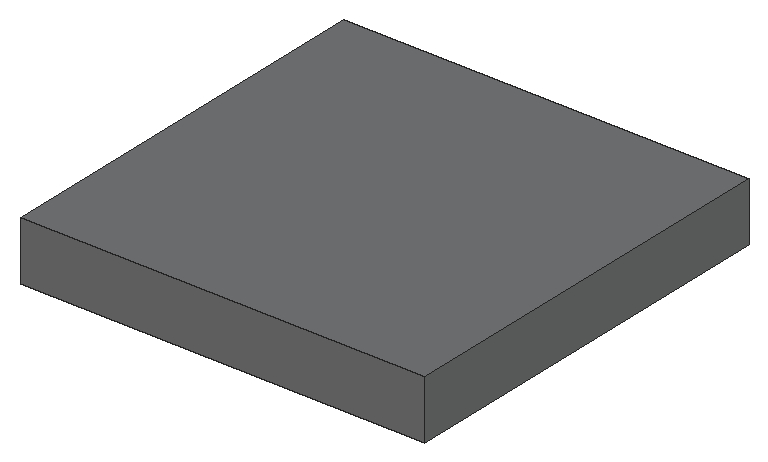
Revit family "Gira_536328", category Electrical Fixtures, host Face, Revit 2017
Family settings
  Host = Face
  Maintain Annotation Orientation = No
  Round Connector Dimension = Use Diameter
  Part Type = Normal
  Cut with Voids When Loaded = No
  Shared = No
  Room Calculation Point = No
Parameters (values of type "S3000 op.top Memory System 55 anthra.")
  With LED indication = "No"
  URL = "http://katalog.gira.de/en/datenblatt.html?artikelnr=536328"
  Transparent = "No"
  Suitable for application with venetian shutter switch = "Yes"
  Suitable for application with switch = "No"
  Suitable for application with dimmer = "No"
  Number of actuation points = "4"
  Name = "S3000 op.top Memory System 55 anthra."
  Manufacturer URL = "https://www.gira.de/"
  Manufacturer = "Gira"
  Keynote = ""
  HeinzeBIM = "https://bimportal.heinze.de/bim/s3000-op-top-memory-system-55-anthra-/78b67d4c278c5dda98a506d67127f7466db054c8"
  HAN = "536328"
  GTIN = "4010337027386"
  Description = "S3000 op.top Memory Sys55 AN,System 3000 operating top unit Memory,,anthracite,Features:,- Save a time for raising and lowering blinds or a switch-on and switch-off time. In memory mode, these switching times are repeated every 24 hours.,- The blocking function blocks operation of the auxiliary unit and deactivates memory mode.,- Adjustbable night mode. Status LED and function LED are not lit up continuously."
  Default Elevation = 1219.2 mm
  Data sheet (1) = "https://katalog.gira.de/en/download.html?artikelnr=536328"
  Category = "Intelligent control element"
  BIM (1) = "https://media.stage.bim.site/public/gira/36a6b08/Sys55_Abdeckung_Schalten und Tasten.rfa?public/gira/36a6b08/Sys55_Abdeckung_Schalten und Tasten.rfa"
  Available = "No"
  Application = "Control of electrical users"
  Anthrazit [instance] = Anthrazit
Reference planes
  plane 1 "Center (Front/Back)": y = 0
  plane 2: z = 0
  plane 3 "Center (Left/Right)": x = 0
Forms (mm)
  Extrusion 1, solid, material "Anthrazit" <- "Anthrazit", detail levels fine
    sketch origin (0, 0, 0) x (1, 0, 0) y (0, 1, 0)
      loop
        line (-27.5, 27.5) -> (-27.5, -27.5) -> (27.5, -27.5) -> (27.5, 27.5) -> (-27.5, 27.5)
    from 0 to 8
  Extrusion 2, void
    sketch origin (0, 0, 0) x (1, 0, 0) y (0, 1, 0)
      loop
        line (26, 26) -> (-26, 26) -> (-26, -26) -> (26, -26) -> (26, 26)
    from 0 to 6
  Extrusion 3, solid, material "Anthrazit" <- "Anthrazit", detail levels medium
    sketch origin (0, 0, 0) x (1, 0, 0) y (0, 1, 0)
      loop
        line (-27.5, 27.5) -> (-27.5, -27.5) -> (27.5, -27.5) -> (27.5, 27.5) -> (-27.5, 27.5)
    from 0 to 8
  Extrusion 4, solid, material "Anthrazit" <- "Anthrazit", detail levels medium
    sketch origin (0, 0, 0) x (1, 0, 0) y (0, 1, 0)
      loop
        line (11, -17.5) -> (11, 17.5) -> (-11, 17.5) -> (-11, -17.5) -> (11, -17.5)
    from -6 to 6
  Extrusion 5, solid, material "Anthrazit" <- "Anthrazit", detail levels fine
    sketch origin (0, 0, 0) x (1, 0, 0) y (0, 1, 0)
      loop
        line (11, 17.5) -> (-11, 17.5) -> (-11, 16.5) -> (11, 16.5) -> (11, 17.5)
      loop
        line (-11, -16.5) -> (-11, -17.5) -> (11, -17.5) -> (11, -16.5) -> (-11, -16.5)
    from -4 to 6
  Extrusion 6, solid, material "Anthrazit" <- "Anthrazit", detail levels fine
    sketch origin (0, 0, 0) x (1, 0, 0) y (0, 1, 0)
      loop
        arc (5, 9.347) -> (0, 10.6) -> (-5, 9.347) r 10.6
        line (-5, 9.347) -> (-5, -9.347)
        arc (-5, -9.347) -> (0, -10.6) -> (5, -9.347) r 10.6
        line (5, -9.347) -> (5, 9.347)
    from -6 to 6
  Extrusion 7, solid, material "Anthrazit" <- "Anthrazit", detail levels coarse
    sketch origin (0, 0, 0) x (1, 0, 0) y (0, 1, 0)
      loop
        line (-27.5, 27.5) -> (-27.5, -27.5) -> (27.5, -27.5) -> (27.5, 27.5) -> (-27.5, 27.5)
    from -6 to 8
Cuts and joins
  Extrusion 2 cuts Extrusion 1
Dimensions and locks
  aligned and locked: plane 2 to host face
  aligned and locked: level to host face
